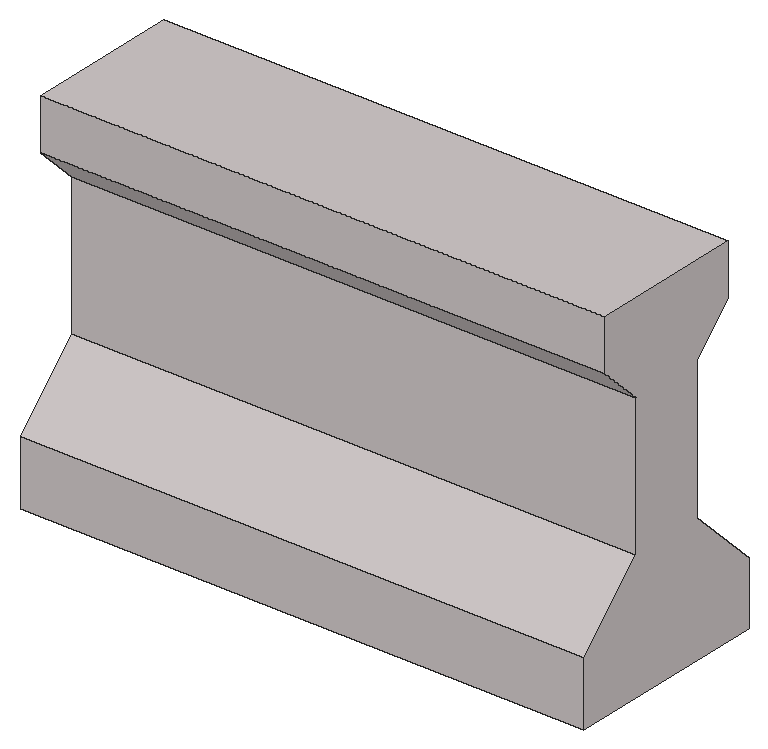
Revit family "4a0e4fe47d894e739504cdbf994a6aa1", category Structural Framing, Revit 2021
Family settings
  Display in Hidden Views = Edges Hidden by Other Members
  Structural Framing Length Roundoff = 0' - 0"
  Section Shape = Not Defined
  Material for Model Behavior = Precast Concrete
  Always export as geometry = No
  OmniClass Number = 23.25.30.11.14.14
  OmniClass Title = Beams
  Seek Item ID = Precast-I Shaped Beam-0000-USA-ENU
  Always vertical = Yes
  Cut with Voids When Loaded = No
  Symbolic Representation = From Family
  Shared = No
  Show family pre-cut in plan views = Yes
Parameters (values of type "Type I")
  Structural Material [instance] = Concrete, Precast
  D6 = 0' - 5"
  D5 = 0' - 5"
  D4 = 0' - 3"
  D3 = 0' - 0"
  D2 = 0' - 4"
  B6 = 0' - 5"
  B5 = 0' - 0"
  B4 = 0' - 3"
  B3 = 0' - 6"
  B2 = B3 + B6 * 2  # 1' - 4"
  Assembly Code = "B10"
  Length [instance] = 5' - 0"
  B1 = B3 + B4 * 2 + B5 * 2  # 1' - 0"
  D1 = 2' - 4"
Types (7): name | D6 | D5 | D4 | D3 | D2 | B6 | B5 | B4 | B3 | B2 | B1 | D1
  (no name) | 0' - 5" | 0' - 5" | 0' - 3" | 0' - 0" | 0' - 4" | 0' - 5" | 0' - 0" | 0' - 3" | 0' - 6" | 1' - 4" | 1' - 0" | 2' - 4"
  Type II | 0' - 6" | 0' - 6" | 0' - 3" | 0' - 0" | 0' - 6" | 0' - 5" | 0' - 0" | 0' - 3" | 0' - 6" | 1' - 4" | 1' - 0" | 3' - 0"
  Type I | 0' - 5" | 0' - 5" | 0' - 3" | 0' - 0" | 0' - 4" | 0' - 5" | 0' - 0" | 0' - 3" | 0' - 6" | 1' - 4" | 1' - 0" | 2' - 4"
  Type III | 0' - 7" | 0' - 7 1/2" | 0' - 4 1/2" | 0' - 0" | 0' - 7" | 0' - 7 1/2" | 0' - 0" | 0' - 4 1/2" | 0' - 7" | 1' - 10" | 1' - 4" | 3' - 9"
  Type IV | 0' - 8" | 0' - 9" | 0' - 6" | 0' - 0" | 0' - 8" | 0' - 9" | 0' - 0" | 0' - 6" | 0' - 8" | 2' - 2" | 1' - 8" | 4' - 6"
  Type V | 0' - 8" | 0' - 10" | 0' - 4" | 0' - 3" | 0' - 5" | 0' - 10" | 1' - 1" | 0' - 4" | 0' - 8" | 2' - 4" | 3' - 6" | 5' - 3"
  Type VI | 0' - 8" | 0' - 10" | 0' - 4" | 0' - 3" | 0' - 5" | 0' - 10" | 1' - 1" | 0' - 4" | 0' - 8" | 2' - 4" | 3' - 6" | 6' - 0"
Reference planes (in)
  plane 1 "Center (Front/Back)": y = 0
  plane 2: z = 0
  plane 3 "Center (Left/Right)": x = 0.1815
  plane 4 "Member Left": x = -21.8185
  plane 5 "Member Right": x = 22.1815
  plane 6: y = 6
  plane 7: y = -6
  plane 8: z = 14
  plane 9 "Bottom": z = -14
  plane 10 "Left": x = -29.8185
  plane 11 "Right": x = 30.1815
  plane 12: y = 8
  plane 13: y = -8
Forms (in)
  Sweep 1, solid, material "Concrete, Precast" <- "Structural Material"
    path origin (0, 0, 0) x (1, 0, 0) y (0, 1, 0)
      loop
        line (22.1815, 0) -> (-21.8185, 0)
    profile "Precast-I Shape-Profile : Precast-I Shape-Profile" origin (0.1815, 0, 0) x (0, -1, 0) y (0, 0, 1)
      loop
        line (-6, 14) -> (-6, 12) -> (-6, 10) -> (-3, 7) -> (-3, -4) -> (-8, -9) -> (-8, -14) -> (8, -14) -> (8, -9) -> (3, -4) -> (3, 7) -> (6, 10) -> (6, 12) -> (6, 14) -> (-6, 14)
Dimensions and locks (in)
  "B1": plane 6 to plane 7
  equal spacing: plane 9 "Bottom", plane 2, plane 8
  equal spacing: plane 6, plane 1 "Center (Front/Back)", plane 7
  "D1": plane 9 "Bottom" to plane 8
  "Length": plane 10 "Left" to plane 11 "Right"
  "B2": plane 12 to plane 13
  equal spacing: plane 12, plane 1 "Center (Front/Back)", plane 13
  aligned and locked: Sweep 1 sketch curve to plane 1 "Center (Front/Back)"
  aligned and locked: plane 12 to Sweep 1
  aligned and locked: plane 13 to Sweep 1
  aligned and locked: plane 4 "Member Left" to Sweep 1 sketch curve
  aligned and locked: plane 5 "Member Right" to Sweep 1 sketch curve
